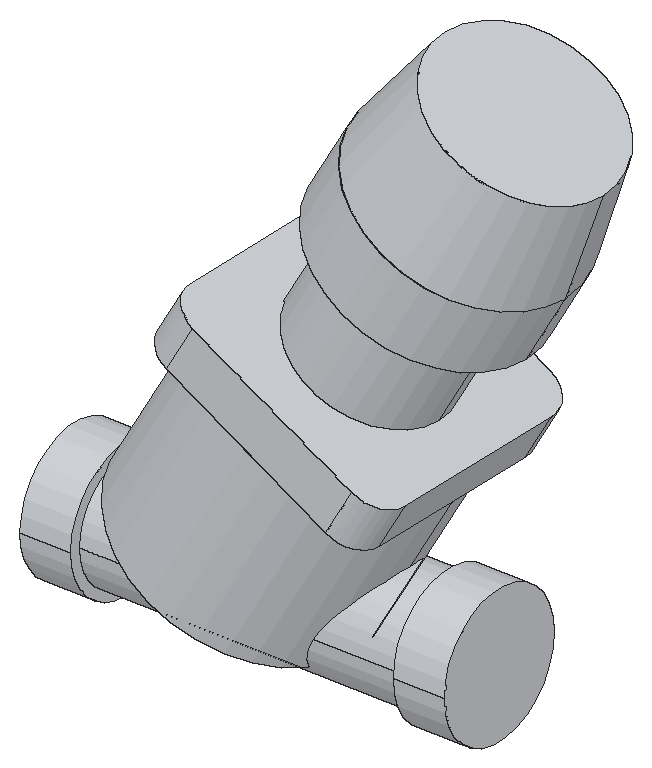
Revit family "OPTIMA_Compact_MM_DN10_5,0_RFA_2018", category Pipe Accessories, Revit 2018
Family settings
  Round Connector Dimension = Use Diameter
  Part Type = Valve - Breaks Into
  Work Plane-Based = No
  Always vertical = Yes
  Cut with Voids When Loaded = No
  Shared = No
Parameters (values of type "OPTIMA Compact DN10 M-M 5.0mm")
  magiProductId = "5a6cfbbfc7584f5c989f475761ae24"
  magiProductFamilyId = "78ecc78dd0e54fb5aa8a98aef7d402"
  magiPartTypeId = 304
  isMeasuringValve [instance] = no
  ang2D [instance] = 0.00°
  Z = 0 mm
  X = 7 mm
  W2D = 32 mm
  VersionID = "2.0/2018.8.28.1/FRESE_OPTIMA-COMPACT-MM_001"
  Use Minimum Symbol Size [instance] = yes
  URL = "www.hydronic.cz"
  Type Comments = "vnější závit; PN25; 0~120°C, bez měřicích vsuvek"
  R9 = 8 mm
  R8 = 14 mm
  R7 = 17 mm
  R6 = 12 mm
  R5 = 5 mm
  R4 = 19 mm
  R3 = 19 mm
  R2 = 9 mm
  R1 = 10.5 mm
  QmdConnectorList = "301;D;302;D"
  Productdata [instance] = ""
  PLG0 = no
  Manufacturer = "Hydronic Systems Prague s.r.o."
  MC Product Code = "53-1309  (1/2\" M-M; 5.0mm; Qmin-dpmin 65l/h-14.6kPa; Qmax-dpmin 370l/h-17.2kPa; dpmax 800kPa)"
  MC Piping Given Pressure Drop [instance] = 0.0 Pa
  LL = 32.5 mm
  L3 = 11 mm
  L2D_Min = 3048 mm
  L2D = 104 mm
  L2 = 49.4 mm
  L1__ve = -L1  # -7.8 mm
  L1 = 7.8 mm
  H6__ve = -H6  # -52.5 mm
  H6 = 52.5 mm
  H5 = 17 mm
  H4 = 12 mm
  H3 = 18 mm
  H2 = 8 mm
  H1 = 30 mm
  Description = "Tlakově nezávislý 2-cestný regulační vyvažovací ventil (PICV)"
  D = 10 mm
  A = 30.00°
Types (8, lengths in mm): name | magiProductId | Z | X | R4 | R3 | R2 | R1 | MC Product Code | LL | L3 | L2 | L1__ve | L1 | H6__ve | H6 | H5 | H3 | H2 | H1 | D
  OPTIMA Compact DN32 M-M 5.5mm | "9229f6b2647a4beea29cfed7a0464e" | 1 | 13 | 29 | 31.5 | 22 | 24 | "53-1314  (6/4\" M-M; 5.5mm; Qmin-dpmin 550l/h-17.9kPa; Qmax-dpmin 4001l/h-28.0kPa; dpmax 800kPa)" | 52 | 12.5 | 79.04 | -12.48 | 12.48 | -66 | 66 | 20 | 16 | 10 | 46 | 32
  OPTIMA Compact DN15 M-M 2.5mm | "cf91b4957677408aaed6de7f8e707d" | 0 | 7 | 19 | 19 | 12 | 13 | "53-1304  (3/4\" M-M; 2.5mm; Qmin-dpmin 100l/h-14.9kPa; Qmax-dpmin 575l/h-18.5kPa; dpmax 800kPa)" | 32.5 | 11 | 49.4 | -7.8 | 7.8 | -55 | 55 | 20 | 18 | 8 | 26 | 15
  OPTIMA Compact DN15 M-M 5.0mm | "3da7abe28dc3494da6d3a7ef2edb11" | 0 | 7 | 19 | 19 | 12 | 13 | "53-1305  (3/4\" M-M; 5.0mm; Qmin-dpmin 220l/h-16.0kPa; Qmax-dpmin 1330l/h-21.6kPa; dpmax 800kPa)" | 32.5 | 11 | 49.4 | -7.8 | 7.8 | -55 | 55 | 20 | 18 | 8 | 26 | 15
  OPTIMA Compact DN20 M-M 5.0mm | "dbf1ea5749af4e6bb74c096f7a23b2" | 0 | 10 | 19 | 19 | 13.5 | 16.5 | "53-1308  (1\" M-M; 5.0mm; Qmin-dpmin 220l/h-16.0kPa; Qmax-dpmin 1330l/h-21.6kPa; dpmax 800kPa)" | 35 | 11 | 53.2 | -8.4 | 8.4 | -58.5 | 58.5 | 20 | 18 | 8 | 26 | 20
  OPTIMA Compact DN20 M-M 5.5mm | "a40c776a67e54a899e920652842cb9" | 0 | 10 | 19 | 19 | 13.5 | 16.5 | "53-1311  (1\" M-M; 5.5mm; Qmin-dpmin 300l/h-17.8kPa; Qmax-dpmin 1800l/h-40.0kPa; dpmax 800kPa)" | 35 | 11 | 53.2 | -8.4 | 8.4 | -58.5 | 58.5 | 20 | 18 | 8 | 26 | 20
  OPTIMA Compact DN25 M-M 5.5mm | "c9531e40f709430d814b4200686e37" | 0 | 13 | 29 | 31.5 | 18.5 | 21 | "53-1313  (5/4\" M-M; 5.5mm; Qmin-dpmin 600l/h-17.3kPa; Qmax-dpmin 3609l/h-23.0kPa; dpmax 800kPa)" | 52 | 12.5 | 79.04 | -12.48 | 12.48 | -63 | 63 | 20 | 16 | 10 | 43 | 25
  OPTIMA Compact DN10 M-M 2.5mm | "719160033de540c9acf49957212ec3" | 0 | 7 | 19 | 19 | 9 | 10.5 | "53-1300  (1/2\" M-M; 2.5mm; Qmin-dpmin 30l/h-14.3kPa; Qmax-dpmin 200l/h-15.8kPa; dpmax 800kPa)" | 32.5 | 11 | 49.4 | -7.8 | 7.8 | -52.5 | 52.5 | 17 | 18 | 8 | 30 | 10
  OPTIMA Compact DN10 M-M 5.0mm | "5a6cfbbfc7584f5c989f475761ae24" | 0 | 7 | 19 | 19 | 9 | 10.5 | "53-1309  (1/2\" M-M; 5.0mm; Qmin-dpmin 65l/h-14.6kPa; Qmax-dpmin 370l/h-17.2kPa; dpmax 800kPa)" | 32.5 | 11 | 49.4 | -7.8 | 7.8 | -52.5 | 52.5 | 17 | 18 | 8 | 30 | 10
Reference planes
  plane 1 "Center (Front/Back)": y = 0
  plane 2 "XYPLANE": z = 0
  plane 3 "Center (Left/Right)": x = 0
  plane 4 "267": x = 11
  plane 5 "266": x = -11
  plane 6 "252": through (-607.019, 0, 448.612) normal (0.5, 0, 0.866)
  plane 7 "250": through (-615.519, 0, 433.89) normal (0.5, 0, 0.866)
  plane 8 "248": through (-621.519, 0, 423.497) normal (0.5, 0, 0.866)
  plane 9 "245": through (-630.519, 0, 407.909) normal (0.5, 0, 0.866)
  plane 10 "241": through (352.483, 0, 662.519) normal (0.866, 0, -0.5)
  plane 11 "240": through (385.392, 0, 643.519) normal (0.866, 0, -0.5)
  plane 12 "239": y = -19
  plane 13 "238": y = 19
  plane 14 "237": through (-634.519, 0, 400.981) normal (0.5, 0, 0.866)
  plane 15 "235": through (-649.519, 0, 375) normal (0.5, 0, 0.866)
  plane 16 "231": y = 0
  plane 17 "230": through (368.938, 0, 653.019) normal (0.866, 0, -0.5)
  plane 18 "211": x = -24.7
  plane 19 "204": x = 32.5
  plane 20 "203": x = -32.5
  plane 21 "202": x = 0
  plane 22 "201": z = 0
  plane 23 "200": y = 0
  plane 24 "227XY": through (-649.519, 0, 375) normal (0.5, 0, 0.866)
  plane 25 "227XZ": y = 0
  plane 26 "227YZ": through (375, 0, 649.519) normal (0.866, 0, -0.5)
Forms (mm)
  Extrusion 1, solid, visible <- "PLG0"
    sketch origin (-750, 0, 0) x (1, 0, 0) y (0, 1, 0)
      loop
        circle (761, 0) r 8
    from 0 to -52.5 <- "H6__ve"
  Extrusion 2, solid, visible <- "PLG0"
    sketch origin (-750, 0, 0) x (1, 0, 0) y (0, 1, 0)
      loop
        circle (739, 0) r 8
    from 0 to -52.5 <- "H6__ve"
  Blend 3, solid
    base sketch origin (-615.519, 0, 433.89) x (0.866025, 0, -0.5) y (0, 1, 0)
      loop
        circle (743, 0) r 17
    top sketch origin (-615.519, 0, 433.89) x (0.866025, 0, -0.5) y (0, 1, 0)
      loop
        circle (743, 0) r 14
    from 0 to 17
  Extrusion 4, solid
    sketch origin (-621.519, 0, 423.497) x (0.866025, 0, -0.5) y (0, 1, 0)
      loop
        circle (743, 0) r 17
    from 0 to 12 <- "H4"
  Extrusion 5, solid
    sketch origin (-630.519, 0, 407.909) x (0.866025, 0, -0.5) y (0, 1, 0)
      loop
        circle (743, 0) r 12
    from 0 to 18 <- "H3"
  Extrusion 6, solid
    sketch origin (-634.519, 0, 400.981) x (0.866025, 0, -0.5) y (0, 1, 0)
      loop
        arc (729, 19) -> (725.464, 17.536) -> (724, 14) r 5
        line (724, 14) -> (724, -14)
        arc (724, -14) -> (725.464, -17.536) -> (729, -19) r 5
        line (729, -19) -> (757, -19)
        arc (757, -19) -> (760.536, -17.536) -> (762, -14) r 5
        line (762, -14) -> (762, 14)
        arc (762, 14) -> (760.536, 17.536) -> (757, 19) r 5
        line (757, 19) -> (729, 19)
    from 0 to 8 <- "H2"
  Extrusion 7, solid
    sketch origin (-649.519, 0, 375) x (0.866025, 0, -0.5) y (0, 1, 0)
      loop
        circle (743, 0) r 19
    from 0 to 30 <- "H1"
  Extrusion 8, solid
    sketch origin (-24.7, -750, 0) x (0, 1, 0) y (0, 0, 1)
      loop
        circle (750, 0) r 9
    from 0 to 49.4 <- "L2"
  Extrusion 9, solid
    sketch origin (32.5, -750, 0) x (0, 1, 0) y (0, 0, 1)
      loop
        circle (750, 0) r 10.5
    from 0 to -7.8 <- "L1__ve"
  Extrusion 10, solid
    sketch origin (-32.5, -750, 0) x (0, 1, 0) y (0, 0, 1)
      loop
        circle (750, 0) r 10.5
    from 0 to 7.8 <- "L1"
  Extrusion 11, solid, not visible
    sketch origin (32.5, -750, 0) x (0, 1, 0) y (0, 0, 1)
      loop
        circle (750, 0) r 10
    from 0 to -10
  Extrusion 12, solid, not visible
    sketch origin (-32.5, -750, 0) x (0, 1, 0) y (0, 0, 1)
      loop
        circle (750, 0) r 10
    from 0 to 10
Lines and regions (mm)
  reference lines, not visible
    curve 1: circle (2, 2, 0) r 1 normal (0, 0, 1)
Dimensions and locks
  plane 1 "Center (Front/Back)" to curve 1 = 2 mm
  "L3": plane 3 "Center (Left/Right)" to plane 4 "267"
  "L3": plane 3 "Center (Left/Right)" to plane 5 "266"
  "H5": plane 7 "250" to plane 6 "252"
  "H4": plane 8 "248" to plane 7 "250"
  "H3": plane 9 "245" to plane 8 "248"
  "H2": plane 14 "237" to plane 9 "245"
  "R4": plane 17 "230" to plane 10 "241"
  "R4": plane 17 "230" to plane 11 "240"
  "R4": plane 23 "200" to plane 12 "239"
  "R4": plane 23 "200" to plane 13 "238"
  "H1": plane 15 "235" to plane 14 "237"
  "Z": plane 24 "227XY" to plane 15 "235"
  locked: plane 23 "200" to plane 16 "231"
  "X": plane 26 "227YZ" to plane 17 "230"
  "L1": plane 20 "203" to plane 18 "211"
  "LL": plane 3 "Center (Left/Right)" to plane 19 "204"
  "LL": plane 3 "Center (Left/Right)" to plane 20 "203"
  locked: plane 3 "Center (Left/Right)" to plane 21 "202"
  locked: plane 2 "XYPLANE" to plane 22 "201"
  locked: plane 1 "Center (Front/Back)" to plane 23 "200"
  Extrusion 6 sketch curve to Extrusion 6 sketch curve = 0 mm  (x16)
  "R9": radius of Extrusion 1 sketch curve
  "R9": radius of Extrusion 2 sketch curve
  "R8": radius of Blend 3 sketch curve
  "R7": radius of Blend 3 sketch curve
  "R7": radius of Extrusion 4 sketch curve
  "R6": radius of Extrusion 5 sketch curve
  "R5": radius of Extrusion 6 sketch curve  (x4)
  "R3": radius of Extrusion 7 sketch curve
  "R2": radius of Extrusion 8 sketch curve
  "R1": radius of Extrusion 9 sketch curve
  "R1": radius of Extrusion 10 sketch curve
  aligned and locked: level to plane 2 "XYPLANE"
  aligned and locked: plane 4 "267" to Extrusion 1 sketch curve
  aligned and locked: plane 23 "200" to Extrusion 1 sketch curve
  aligned and locked: plane 5 "266" to Extrusion 2 sketch curve
  aligned and locked: plane 23 "200" to Extrusion 2 sketch curve
  aligned and locked: plane 16 "231" to Blend 3 sketch curve  (x2)
  aligned and locked: Blend 3 sketch curve to plane 17 "230"  (x2)
  aligned and locked: plane 6 "252" to Blend 3
  aligned and locked: plane 16 "231" to Extrusion 4 sketch curve
  aligned and locked: Extrusion 4 sketch curve to plane 17 "230"
  aligned and locked: plane 16 "231" to Extrusion 5 sketch curve
  aligned and locked: Extrusion 5 sketch curve to plane 17 "230"
  aligned and locked: Extrusion 6 sketch curve to plane 10 "241"
  aligned and locked: Extrusion 6 sketch curve to plane 12 "239"
  aligned and locked: Extrusion 6 sketch curve to plane 11 "240"
  aligned and locked: plane 13 "238" to Extrusion 6 sketch curve
  aligned and locked: plane 16 "231" to Extrusion 7 sketch curve
  aligned and locked: Extrusion 7 sketch curve to plane 17 "230"
  aligned and locked: plane 22 "201" to Extrusion 8 sketch curve
  aligned and locked: Extrusion 8 sketch curve to plane 23 "200"
  aligned and locked: plane 22 "201" to Extrusion 9 sketch curve
  aligned and locked: Extrusion 9 sketch curve to plane 23 "200"
  aligned and locked: plane 22 "201" to Extrusion 10 sketch curve
  aligned and locked: Extrusion 10 sketch curve to plane 23 "200"
  aligned and locked: plane 22 "201" to Extrusion 11 sketch curve
  aligned and locked: Extrusion 11 sketch curve to plane 23 "200"
  aligned and locked: plane 22 "201" to Extrusion 12 sketch curve
  aligned and locked: Extrusion 12 sketch curve to plane 23 "200"
Automatic sketch dimensions
  plane 1 "Center (Front/Back)" to Extrusion 11 sketch curve = 10 mm
  plane 1 "Center (Front/Back)" to Extrusion 12 sketch curve = 10 mm
  plane 3 "Center (Left/Right)" to curve 1 = 2 mm
  radius of curve 1 = 1 mm
Connectors
  piping at (-32.5, 0, 0), diameter 10, driven by "D"
    settings: on Extrusion 12, index 1, connector inside diameter 609.6 mm, connector length 0 mm, flow factor 0, pipe flow 0.0 L/s, pressure drop 0.0 Pa, fitting loss kfactor 0, connector angle 0.00°, fixture units 0, engagement length 0 mm, angle of deflection 0.00°, flow configuration 0, flow direction 0, fitting loss method 0, system type 29, joint type 0, gender type 0, connector reference index 2, connector utility 0, adjustable connector no, is connector primary yes, connector description ""
  piping at (32.5, 0, 0), diameter 10, driven by "D"
    settings: on Extrusion 11, index 2, connector inside diameter 609.6 mm, connector length 0 mm, flow factor 0, pipe flow 0.0 L/s, pressure drop 0.0 Pa, fitting loss kfactor 0, connector angle 0.00°, fixture units 0, engagement length 0 mm, angle of deflection 0.00°, flow configuration 0, flow direction 0, fitting loss method 0, system type 29, joint type 0, gender type 0, connector reference index 1, connector utility 0, adjustable connector no, is connector primary no, connector description ""
